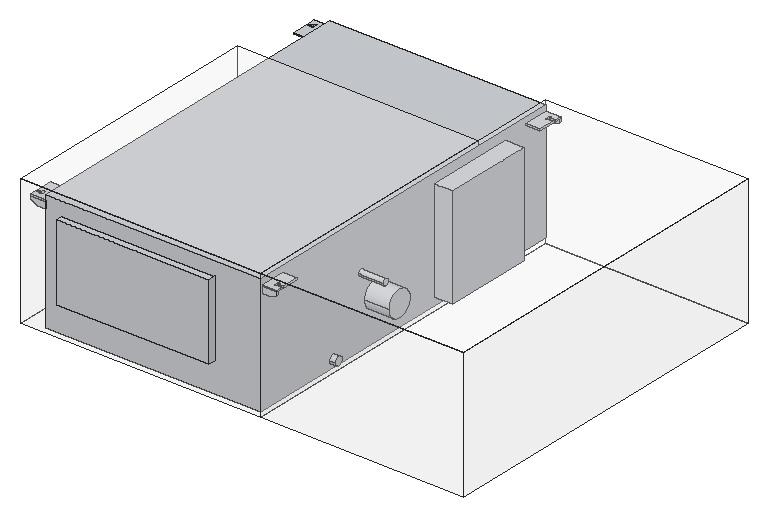
Revit family "ge-p1080_2100mg7_60Hz", category 機械設備, Revit 2019
Family settings
  丸型コネクタ寸法 = 直径を使用
  パーツ タイプ = 標準
  OmniClass 番号 = 23.75.10.24.21.27.27
  OmniClass タイトル = Split System Air Conditioning Units
  作業面ベース = いいえ
  常に垂直 = はい
  ロード時にボイドで切り取り = いいえ
  共有 = いいえ
  部屋計算ポイント = はい
Parameters (values of type "GE-P1080MG7")
  風量 = 1080.0 m³/h
  音響パワーレベル(dB) = 64
  電源種別 = ""
  電圧_電気ヒーター = 0 V
  電圧 = 200 V
  電動機出力_送風機 = 200 W
  運転質量 = 0.00 kg
  連動 = ""
  質量 = if(製品質量 > 運転質量, 製品質量, 運転質量) * 1.2  # 116.40 kg
  負荷分類 = 10_ファンコイル類
  説明 = "ビル用マルチエアコン 室内ユニット 天井埋込外気処理"
  設計暖房能力 [instance] = 0 kW
  設計冷房能力_顕熱 [instance] = 0 kW
  設計冷房能力 [instance] = 0 kW
  設置方法 = "天井吊形"
  記号 [instance] = ""
  製造元 = "三菱電機株式会社"
  製品質量 = 97.00 kg
  製品出荷対象 = "国内"
  製品リリース年月 = "2020年7月22日"
  製品グループ = ""
  給気量 = 0.0 m³/h
  系統 [instance] = ""
  符号 = "ACP-CIO"
  積算_科目 = "1 空気調和設備"
  積算_拾い区分 [instance] = ""
  相_電気ヒーター = 1
  相 = 1
  盤記号 [instance] = ""
  発停方法 = ""
  特殊仕様 [instance] = ""
  火災停止 = ""
  消費電力_電気ヒーター = 0 W
  消費電力_暖房 = 340 W
  消費電力_加湿器 = 0 W
  消費電力_冷房 = 340 W
  消費電力 = if(消費電力_冷房 > 消費電力_暖房, 消費電力_冷房, 消費電力_暖房) + 消費電力_加湿器 + 消費電力_電気ヒーター  # 340 W
  法定耐用年数 = "15"
  機外静圧 = 220.0 Pa
  極数 = 1
  材質 [instance] = ""
  本体マテリアル = none
  有効加湿量 = 8.3
  暖房能力 = 13.7 kW
  排気量 = 0.0 m³/h
  形式_加湿器 = ""
  形式 = "外気処理エアコン(天井吊形)"
  幹線記号 [instance] = ""
  始動方式 = "直入"
  外気量 = 0.0 m³/h
  呼称 = "室内機_外気処理エアコン(天井吊形)"
  周波数 = 60 Hz
  台数_手元リモコン [instance] = ""
  台数_冷媒分岐ユニット [instance] = ""
  参照している仕様書等のバージョン = "公共建築工事標準仕様書（機械設備工事編）平成31年度版"
  加湿給水管径 = 21.70 mm
  分類コード = "50053003221160"
  分類グループ = ""
  冷房能力 = 14 kW
  冷媒高低圧ガス管径 = 0.00 mm
  冷媒管径符号 = "Bd"
  冷媒管径 = 100.00 mm
  冷媒液管径 = 9.52 mm
  冷媒ガス管径 = 15.88 mm
  企業コード = "108420"
  付属品_フィルター = ""
  付属品 [instance] = ""
  仕様書バージョン = "Version1.0"
  モデル = "GE-P1080MG7"
  ドレン管径 = 32.00 mm
  ダクト2高 = 400 mm
  ダクト2幅 = 700 mm
  ダクト1高 = 300 mm
  ダクト1幅 = 600 mm
  コメント [instance] = ""
  Keynote = ""
  エンタルピ交換効率_暖房 [instance] = 0.00%
  エンタルピ交換効率_冷房 [instance] = 0.00%
  j = 25 mm  # constant formula
  h = 25 mm  # constant formula
  Width = 850 mm
  Version = ""
  Uniclass2015Version = "Systems v1.9"
  Uniclass2015Title = "Split coil remote air cooled condensing units"
  Uniclass2015Code = "Pr_70_65_03_84"
  URL = "https://www.mitsubishielectric.co.jp/ldg/wink/ssl/displayProduct.do?pid=307549"
  SpecificationReference = ""
  SpecificationDescription = ""
  Revision = ""
  ProductInformation = ""
  OmniClassCode = "23-33 17 13 11"
  L = 950 mm
  IfcTypeProduct = ""
  IfcProduct = ""
  IfcExportType = "AIRCONDITIONINGUNIT"
  IfcExportAs = "IfcUnitaryEquipmentType"
  Height = 470 mm
  Depth = 1400 mm
  Author = "三菱電機株式会社"
Types (3, lengths in mm): name | 風量 | 音響パワーレベル(dB) | 電動機出力_送風機 | 質量 | 製品質量 | 消費電力_暖房 | 消費電力_冷房 | 消費電力 | 機外静圧 | 有効加湿量 | 暖房能力 | 冷房能力 | 冷媒管径符号 | 冷媒ガス管径 | モデル | ダクト2幅 | ダクト1幅 | Width | URL | L
  GE-P1080MG7 | 1080.0 m³/h | 64 | 200 W | 116.40 kg | 97.00 kg | 340 W | 340 W | 340 W | 220.0 Pa | 8.3 | 13.7 kW | 14 kW | "Bd" | 15.88 | "GE-P1080MG7" | 700 | 600 | 850 | "https://www.mitsubishielectric.co.jp/ldg/wink/ssl/displayProduct.do?pid=307549" | 950
  GE-P1680MG7 | 1680.0 m³/h | 68 | 400 W | 136.80 kg | 114.00 kg | 570 W | 570 W | 570 W | 230.0 Pa | 13 | 21.2 kW | 22.4 kW | "Be" | 19.05 | "GE-P1680MG7" | 1100 | 1000 | 1250 | "https://www.mitsubishielectric.co.jp/ldg/wink/ssl/displayProduct.do?pid=307550" | 1350
  GE-P2100MG7 | 2100.0 m³/h | 72 | 400 W | 145.20 kg | 121.00 kg | 670 W | 670 W | 670 W | 200.0 Pa | 16.2 | 26.5 kW | 28 kW | "Bf" | 22.20 | "GE-P2100MG7" | 1100 | 1000 | 1250 | "https://www.mitsubishielectric.co.jp/ldg/wink/ssl/displayProduct.do?pid=307551" | 1350
Reference planes
  plane 1 "中心(正面/背面)": y = 0
  plane 2: z = 0
  plane 3 "中心(左/右)": x = 0
  plane 4 "左": x = -425
  plane 5 "右": x = 425
  plane 6 "正面": y = -700
  plane 7 "背面": y = 700
  plane 8: z = 470
  plane 9: z = 210
  plane 10: z = 153
  plane 11: z = 235
  plane 12: x = 625
  plane 13: x = -525
  plane 14: y = 370
  plane 15: y = -900
  plane 16: z = 490
  plane 17: z = -20
  plane 18: y = 725
  plane 19: y = -725
  plane 20: x = 1225
Lines and regions (mm)
  Masking region 1, detail levels coarse+medium
    outline origin (0, 0, 0) x (1, 0, 0) y (0, 1, 0)
      loop
        line (-425, 700) -> (-425, -700) -> (425, -700) -> (425, 700) -> (-425, 700)
  Masking region 2, detail levels coarse+medium
    outline origin (0, 0, 0) x (1, 0, 0) y (0, 1, 0)
      loop
        line (-425, 700) -> (-425, -700) -> (425, -700) -> (425, 700) -> (-425, 700)
  reference lines
    curve 1: line (0, 700, 0) -> (-425, 0, 0)
    curve 2: line (-425, 0, 0) -> (0, -700, 0)
    curve 3: line (425, 0, 0) -> (0, 700, 0)
    curve 4: line (0, -700, 0) -> (425, 0, 0)
  symbolic lines, detail levels coarse+medium
    curve 5: line (0, 700, 0) -> (-425, 0, 0)
    curve 6: line (-425, 0, 0) -> (0, -700, 0)
    curve 7: line (0, -700, 0) -> (425, 0, 0)
    curve 8: line (425, 0, 0) -> (0, 700, 0)
Dimensions and locks
  "Height": plane 8 to level
  equal spacing: plane 4 "左", plane 3 "中心(左/右)", plane 5 "右"
  "Width": plane 4 "左" to plane 5 "右"
  equal spacing: plane 6 "正面", plane 1 "中心(正面/背面)", plane 7 "背面"
  "Depth": plane 6 "正面" to plane 7 "背面"
  locked: plane 9 to level at 210
  locked: plane 10 to level at 153
  locked: plane 11 to level at 235
  locked: plane 16 to plane 8 at 20
  locked: plane 2 to plane 17 at 20
  locked: plane 6 "正面" to plane 14 at 1070
  "L": plane 13 to plane 5 "右"
  "h": plane 19 to plane 6 "正面"
  "j": plane 7 "背面" to plane 18
  locked: plane 12 to plane 20 at 600
  locked: plane 5 "右" to plane 20 at 800
  aligned and locked: level to plane 2
  aligned and locked: plane 6 "正面" to nested 2
  aligned and locked: plane 14 to nested 2
  aligned and locked: plane 16 to nested 3
  aligned and locked: plane 17 to nested 3
  aligned and locked: plane 16 to nested 2
  aligned and locked: plane 17 to nested 2
  aligned and locked: nested 1 to plane 1 "中心(正面/背面)"
  aligned and locked: plane 3 "中心(左/右)" to nested 1
  aligned and locked: plane 5 "右" to nested 2
  aligned and locked: plane 13 to nested 2
  aligned and locked: plane 7 "背面" to nested 3
  aligned and locked: plane 5 "右" to nested 3
  aligned and locked: plane 6 "正面" to nested 3
  aligned and locked: plane 20 to nested 3
Automatic sketch dimensions
  Masking region 1 sketch curve to plane 4 "左" = 0 mm
  Masking region 1 sketch curve to plane 5 "右" = 0 mm
  plane 6 "正面" to Masking region 1 sketch curve = 0 mm
  plane 7 "背面" to Masking region 1 sketch curve = 0 mm
  Masking region 2 sketch curve to plane 4 "左" = 0 mm
  Masking region 2 sketch curve to plane 5 "右" = 0 mm
  plane 6 "正面" to Masking region 2 sketch curve = 0 mm
  plane 7 "背面" to Masking region 2 sketch curve = 0 mm
  plane 1 "中心(正面/背面)" to curve 1 = 0 mm
  curve 1 to plane 4 "左" = 0 mm
  curve 2 to plane 3 "中心(左/右)" = 0 mm
  curve 3 to plane 3 "中心(左/右)" = 0 mm
  plane 1 "中心(正面/背面)" to curve 3 = 0 mm
  curve 3 to plane 5 "右" = 0 mm
  plane 6 "正面" to curve 2 = 0 mm
  plane 7 "背面" to curve 3 = 0 mm
  plane 1 "中心(正面/背面)" to curve 5 = 0 mm
  curve 5 to plane 4 "左" = 0 mm
  curve 6 to plane 3 "中心(左/右)" = 0 mm
  curve 8 to plane 3 "中心(左/右)" = 0 mm
  plane 1 "中心(正面/背面)" to curve 7 = 0 mm
  curve 7 to plane 5 "右" = 0 mm
  plane 6 "正面" to curve 6 = 0 mm
  plane 7 "背面" to curve 5 = 0 mm
Nested families
  nested 1: "GE-P-MG7" at (0, 0, 0) x (0, 1, 0) z (0, 0, 1), H <- "Height", 加湿器径 <- "加湿給水管径", D <- "Width", W <- "Depth", type "GE-P-MG7"
    with 配管径 100 mm, 液径 9.52 mm, 液W 96 mm, 液H 40 mm, 液D 100 mm, 吊りボルトW 1338 mm, 吊りボルトH 20 mm, 吊りボルトD 925 mm, 加湿器径 21.7 mm, 加湿器W 488 mm, 加湿器H 280 mm, 加湿器D 100 mm, ドレン径 32 mm, ドレンW 350 mm, ドレンH 35 mm, ドレンD 25 mm, ガス径 15.88 mm, ガスW 604 mm, ガスH 155 mm, ガスD 100 mm, W 1400 mm, J ダクトW 700 mm, J ダクトH 400 mm, H 470 mm, G ダクトW 600 mm, G ダクトH 300 mm, D 850 mm, C 985 mm
  nested 2: "サービススペース(GE-P-MG7)" at (-50, -165, 235), type "サービススペース(GE-P-MG7)"
    with Width 950 mm, Height 510 mm, Depth 1070 mm
  nested 3: "サービススペース(GE-P-MG7)" at (825, 0, 235), type "サービススペース(GE-P-MG7)"
    with Width 800 mm, Height 510 mm, Depth 1400 mm
Connectors
  hvac at (0, 725, 235), driven by "ダクト2高", driven by "ダクト2幅", driven by "機外静圧", driven by "外気量"
    settings: on nested 1, index 8, duct flow 0.0 m³/h, flow factor 0, pres drop 220.0 Pa, loss coef 0, conn angle 0.00°, conn width 700 mm, conn height 400 mm, conn diameter 609.6 mm, duct sys type 1, conn prof type 1, flow config 1, flow direction 1, loss method 4, conn ref index -1, conn util no, is conn primary yes, conn desc "OA"
  hvac at (-60, -725, 265), driven by "ダクト1高", driven by "ダクト1幅", driven by "機外静圧", driven by "給気量"
    settings: on nested 1, index 9, duct flow 0.0 m³/h, flow factor 0, pres drop 220.0 Pa, loss coef 0, conn angle 0.00°, conn width 600 mm, conn height 300 mm, conn diameter 609.6 mm, duct sys type 3, conn prof type 1, flow config 1, flow direction 2, loss method 4, conn ref index -1, conn util no, is conn primary no, conn desc "SA"
  electrical at (499.5, 324, 235), driven by "極数", driven by "負荷分類", driven by "電圧", driven by "消費電力"
    settings: on nested 1, index 10, voltage 200 V, apparent load 340 VA, apparent load phase1 0 VA, apparent load phase2 0 VA, apparent load phase3 0 VA, power factor 1, load classification "10_ファンコイル類", number of poles 1, system type 30, power factor state 1, is connector primary yes, connector utility no, sub classification motor no, connector description ""
  piping at (525, -144, 175), diameter 100, driven by "冷媒管径", driven by "冷媒管径符号"
    settings: on nested 1, index 11, connector inside diameter 609.60 mm, connector length 0 mm, flow factor 0, pipe flow 0.0 L/s, pressure drop 0.0 Pa, fitting loss kfactor 0, connector angle 0.00°, fixture units 0, engagement length 0 mm, angle of deflection 0.00°, flow configuration 1, flow direction 1, fitting loss method 4, system type 7, joint type 0, gender type 0, connector reference index -1, connector utility 0, adjustable connector no, is connector primary yes, connector description "Bd"
  piping at (450, -350, 35), diameter 32, driven by "ドレン管径"
    settings: on nested 1, index 12, connector inside diameter 609.60 mm, connector length 0 mm, flow factor 0, pipe flow 0.0 L/s, pressure drop 0.0 Pa, fitting loss kfactor 0, connector angle 0.00°, fixture units 0, engagement length 0 mm, angle of deflection 0.00°, flow configuration 1, flow direction 2, fitting loss method 4, system type 16, joint type 0, gender type 0, connector reference index -1, connector utility 0, adjustable connector no, is connector primary no, connector description ""
  piping at (525, -212, 280), diameter 21.7, driven by "加湿給水管径"
    settings: on nested 1, index 13, connector inside diameter 609.60 mm, connector length 0 mm, flow factor 0, pipe flow 0.0 L/s, pressure drop 0.0 Pa, fitting loss kfactor 0, connector angle 0.00°, fixture units 0, engagement length 0 mm, angle of deflection 0.00°, flow configuration 1, flow direction 1, fitting loss method 4, system type 20, joint type 0, gender type 0, connector reference index -1, connector utility 0, adjustable connector no, is connector primary no, connector description ""
Definition of nested family "GE-P-MG7"
  Parameters (values of type "GE-P-MG7")
    加湿器径 [instance] = 6.4 mm
    加湿器W [instance] = 488 mm  # constant formula
    加湿器H [instance] = 280 mm  # constant formula
    加湿器D [instance] = 100 mm  # constant formula
    液径 [instance] = 9.52 mm
    吊りボルトW [instance] = 1338 mm  # constant formula
    吊りボルトH [instance] = 20 mm  # constant formula
    吊りボルトD [instance] = if(D = 850 mm, 925 mm, 1325 mm)  # 925 mm
    配管径 [instance] = 100 mm  # constant formula
    液W [instance] = 96 mm  # constant formula
    液H [instance] = 40 mm  # constant formula
    液D [instance] = 100 mm  # constant formula
    ドレン径 [instance] = 32 mm
    ドレンW [instance] = 350 mm  # constant formula
    ドレンH [instance] = 35 mm  # constant formula
    ドレンD [instance] = 25 mm  # constant formula
    J ダクトW [instance] = if(D = 850 mm, 700 mm, 1100 mm)  # 700 mm
    J ダクトH [instance] = 400 mm  # constant formula
    ガス径 [instance] = 15.88 mm
    ガスW [instance] = 604 mm  # constant formula
    ガスH [instance] = 155 mm  # constant formula
    ガスD [instance] = 100 mm  # constant formula
    W [instance] = 1400 mm
    H [instance] = 470 mm
    G ダクトW [instance] = if(D = 850 mm, 600 mm, 1000 mm)  # 600 mm
    G ダクトH [instance] = 300 mm  # constant formula
    D [instance] = 850 mm
    C [instance] = if(D = 850 mm, 985 mm, 1385 mm)  # 985 mm
  Reference planes
    plane 1 "中心(正面/背面)": y = 0
    plane 2: z = 0
    plane 3 "中心(左/右)": x = 0
    plane 4: x = -700
    plane 5: x = 700
    plane 6: y = 425
    plane 7: y = -425
    plane 8: z = 470
    plane 9: y = 462.5
    plane 10: y = -462.5
    plane 11: x = -669
    plane 12: x = 669
    plane 13: y = 485.5
    plane 14: y = -485.5
    plane 15: x = -699
    plane 16: x = 699
    plane 17: x = 599
    plane 18: x = -599
    plane 19: z = 450
    plane 20: z = 420
    plane 21: z = 445
    plane 22: x = -694
    plane 23: x = 694
    plane 24: x = -350
    plane 25: x = -96
    plane 26: x = -192
    plane 27: y = -499.5
    plane 28: x = 499
    plane 29: x = 149
    plane 30: y = -450
    plane 31: z = 35
    plane 32: y = -525
    plane 33: z = 155
    plane 34: z = 195
    plane 35: x = -144
    plane 36: z = 175
    plane 37: x = -212
    plane 38: z = 280
    plane 39: x = 725
    plane 40: x = -725
    plane 41: y = -240
    plane 42: y = 360
    plane 43: z = 115
    plane 44: z = 415
    plane 45: y = 350
    plane 46: y = -350
    plane 47: z = 435
  Forms (mm)
    Extrusion 1, solid, detail levels fine
      sketch origin (0, 0, 0) x (1, 0, 0) y (0, 1, 0)
        loop
          line (-700, 425) -> (-700, -425) -> (700, -425) -> (700, 425) -> (-700, 425)
      from 0 to 470
    Extrusion 2, solid, detail levels fine
      sketch origin (0, 0, 0) x (1, 0, 0) y (0, 1, 0)
        loop
          line (-699, 485.5) -> (-699, 425) -> (-599, 425) -> (-599, 485.5) -> (-664, 485.5) -> (-664, 467.5)
          arc (-664, 467.5) -> (-659, 462.5) -> (-664, 457.5) r 5
          line (-664, 457.5) -> (-674, 457.5)
          arc (-674, 457.5) -> (-679, 462.5) -> (-674, 467.5) r 5
          line (-674, 467.5) -> (-674, 485.5) -> (-699, 485.5)
        loop
          line (599, 485.5) -> (599, 425) -> (699, 425) -> (699, 485.5) -> (674, 485.5) -> (674, 467.5)
          arc (674, 467.5) -> (679, 462.5) -> (674, 457.5) r 5
          line (674, 457.5) -> (664, 457.5)
          arc (664, 457.5) -> (659, 462.5) -> (664, 467.5) r 5
          line (664, 467.5) -> (664, 485.5) -> (599, 485.5)
        loop
          line (599, -485.5) -> (664, -485.5) -> (664, -467.5)
          arc (664, -467.5) -> (659, -462.5) -> (664, -457.5) r 5
          line (664, -457.5) -> (674, -457.5)
          arc (674, -457.5) -> (679, -462.5) -> (674, -467.5) r 5
          line (674, -467.5) -> (674, -485.5) -> (699, -485.5) -> (699, -425) -> (599, -425) -> (599, -485.5)
        loop
          line (-699, -485.5) -> (-674, -485.5) -> (-674, -467.5)
          arc (-674, -467.5) -> (-679, -462.5) -> (-674, -457.5) r 5
          line (-674, -457.5) -> (-664, -457.5)
          arc (-664, -457.5) -> (-659, -462.5) -> (-664, -467.5) r 5
          line (-664, -467.5) -> (-664, -485.5) -> (-599, -485.5) -> (-599, -425) -> (-699, -425) -> (-699, -485.5)
      from 445 to 450
    Extrusion 3, solid, detail levels fine
      sketch origin (0, 0, 0) x (0, 1, 0) y (0, 0, 1)
        loop
          line (425, 445) -> (425, 420) -> (455.25, 420) -> (485.5, 432.5) -> (485.5, 445) -> (425, 445)
        loop
          line (-485.5, 445) -> (-485.5, 432.5) -> (-455.25, 420) -> (-425, 420) -> (-425, 445) -> (-485.5, 445)
      from 694 to 699
    Extrusion 4, solid, detail levels fine
      sketch origin (0, 0, 0) x (0, 1, 0) y (0, 0, 1)
        loop
          line (-485.5, 432.5) -> (-455.25, 420) -> (-425, 420) -> (-425, 445) -> (-485.5, 445) -> (-485.5, 432.5)
        loop
          line (455.25, 420) -> (485.5, 432.5) -> (485.5, 445) -> (425, 445) -> (425, 420) -> (455.25, 420)
      from -699 to -694
    Extrusion 5, solid, detail levels fine
      sketch origin (0, 0, 0) x (1, 0, 0) y (0, 0, 1)
        loop
          circle (-350, 35) r 16
      from 425 to 450
    Extrusion 6, solid, detail levels fine
      sketch origin (0, 0, 0) x (1, 0, 0) y (0, 0, 1)
        loop
          circle (-144, 175) r 50
      from 425 to 525
    Extrusion 7, solid, detail levels fine
      sketch origin (0, 0, 0) x (1, 0, 0) y (0, 0, 1)
        loop
          circle (-212, 280) r 3.2
      from 425 to 525
    Extrusion 8, solid, detail levels fine
      sketch origin (0, 0, 0) x (0, 1, 0) y (0, 0, 1)
        loop
          line (360, 415) -> (-240, 415) -> (-240, 115) -> (360, 115) -> (360, 415)
      from -725 to -700
    Extrusion 9, solid, detail levels fine
      sketch origin (0, 0, 0) x (0, 1, 0) y (0, 0, 1)
        loop
          line (-350, 435) -> (-350, 35) -> (350, 35) -> (350, 435) -> (-350, 435)
      from 700 to 725
    Extrusion 10, solid, detail levels fine
      sketch origin (0, 0, 0) x (1, 0, 0) y (0, 0, 1)
        loop
          line (499, 435) -> (149, 435) -> (149, 35) -> (499, 35) -> (499, 435)
      from 425 to 499.5
  Dimensions and locks
    equal spacing: plane 7, plane 1 "中心(正面/背面)", plane 6
    "D": plane 7 to plane 6
    equal spacing: plane 4, plane 3 "中心(左/右)", plane 5
    "W": plane 4 to plane 5
    "H": plane 8 to level
    equal spacing: plane 10, plane 1 "中心(正面/背面)", plane 9
    "吊りボルトD": plane 10 to plane 9
    equal spacing: plane 11, plane 3 "中心(左/右)", plane 12
    "吊りボルトW": plane 11 to plane 12
    locked: plane 9 to plane 13 at 23
    locked: plane 14 to plane 10 at 23
    locked: plane 12 to plane 16 at 30
    locked: plane 15 to plane 11 at 30
    locked: plane 11 to plane 18 at 70
    locked: plane 17 to plane 12 at 70
    plane 8 to plane 19 to plane 20 = 20 mm locked, 30 mm locked
    locked: plane 23 to plane 16 at 5
    locked: plane 15 to plane 22 at 5
    locked: plane 19 to plane 21 at 5
    "ドレンW": plane 24 to plane 4
    "ガスW": plane 25 to plane 4
    "液W": plane 25 to plane 26
    "C": plane 27 to plane 13
    locked: plane 28 to plane 29 at 350
    plane 5 to plane 28 = 201 mm
    "ドレンD": plane 30 to plane 7
    "ドレンH": plane 31 to level
    "ガスD": plane 32 to plane 7
    "ガスH": plane 33 to level
    "液H": plane 34 to plane 33
    equal spacing: plane 25, plane 35, plane 26
    equal spacing: plane 34, plane 36, plane 33
    "加湿器W": plane 37 to plane 4
    "加湿器H": plane 38 to level
    locked: plane 40 to plane 4 at 25
    locked: plane 5 to plane 39 at 25
    locked: plane 7 to plane 41 at 185
    "G ダクトW": plane 41 to plane 42
    locked: plane 43 to level at 115
    "G ダクトH": plane 44 to plane 43
    equal spacing: plane 46, plane 1 "中心(正面/背面)", plane 45
    "J ダクトW": plane 46 to plane 45
    "J ダクトH": plane 47 to plane 31
    "ドレン径": diameter of Extrusion 5 sketch curve
    "配管径": diameter of Extrusion 6 sketch curve
    "加湿器径": diameter of Extrusion 7 sketch curve
    aligned and locked: level to plane 2
    aligned and locked: plane 6 to Extrusion 1 sketch curve
    aligned and locked: plane 4 to Extrusion 1 sketch curve
    aligned and locked: Extrusion 1 sketch curve to plane 7
    aligned and locked: Extrusion 1 sketch curve to plane 5
    aligned and locked: plane 8 to Extrusion 1
    aligned and locked: plane 13 to Extrusion 2 sketch curve  (x4)
    aligned and locked: plane 15 to Extrusion 2 sketch curve
    aligned and locked: Extrusion 2 sketch curve to plane 6  (x2)
    aligned and locked: Extrusion 2 sketch curve to plane 18
    aligned and locked: plane 17 to Extrusion 2 sketch curve
    aligned and locked: Extrusion 2 sketch curve to plane 16
    aligned and locked: plane 14 to Extrusion 2 sketch curve  (x4)
    aligned and locked: Extrusion 2 sketch curve to plane 17
    aligned and locked: Extrusion 2 sketch curve to plane 7  (x2)
    aligned and locked: plane 16 to Extrusion 2 sketch curve
    aligned and locked: Extrusion 2 sketch curve to plane 15
    aligned and locked: plane 18 to Extrusion 2 sketch curve
    aligned and locked: plane 9 to Extrusion 2 sketch curve  (x4)
    aligned and locked: plane 10 to Extrusion 2 sketch curve  (x4)
    aligned and locked: plane 19 to Extrusion 2
    aligned and locked: Extrusion 2 to plane 21
    aligned and locked: Extrusion 2 to Extrusion 3 sketch curve
    aligned and locked: Extrusion 3 sketch curve to Extrusion 2  (x3)
    aligned and locked: plane 20 to Extrusion 3 sketch curve  (x2)
    aligned and locked: plane 13 to Extrusion 3 sketch curve
    aligned and locked: plane 7 to Extrusion 3 sketch curve
    aligned and locked: plane 16 to Extrusion 3
    aligned and locked: Extrusion 3 to plane 23
    aligned and locked: Extrusion 4 sketch curve to Extrusion 3  (x10)
    aligned and locked: plane 22 to Extrusion 4
    aligned and locked: Extrusion 4 to plane 15
    aligned and locked: plane 31 to Extrusion 5 sketch curve
    aligned and locked: plane 24 to Extrusion 5 sketch curve
    aligned and locked: Extrusion 5 to plane 7
    aligned and locked: plane 30 to Extrusion 5
    aligned and locked: plane 35 to Extrusion 6 sketch curve
    aligned and locked: plane 36 to Extrusion 6 sketch curve
    aligned and locked: plane 32 to Extrusion 6
    aligned and locked: Extrusion 6 to plane 7
    aligned and locked: plane 37 to Extrusion 7 sketch curve
    aligned and locked: plane 38 to Extrusion 7 sketch curve
    aligned and locked: plane 32 to Extrusion 7
    aligned and locked: Extrusion 7 to plane 7
    aligned and locked: plane 44 to Extrusion 8 sketch curve
    aligned and locked: Extrusion 8 sketch curve to plane 42
    aligned and locked: Extrusion 8 sketch curve to plane 43
    aligned and locked: plane 41 to Extrusion 8 sketch curve
    aligned and locked: plane 4 to Extrusion 8
    aligned and locked: Extrusion 8 to plane 40
    aligned and locked: Extrusion 9 sketch curve to plane 47
    aligned and locked: Extrusion 9 sketch curve to plane 46
    aligned and locked: plane 31 to Extrusion 9 sketch curve
    aligned and locked: plane 45 to Extrusion 9 sketch curve
    aligned and locked: plane 39 to Extrusion 9
    aligned and locked: Extrusion 9 to plane 5
    aligned and locked: plane 47 to Extrusion 10 sketch curve
    aligned and locked: plane 28 to Extrusion 10 sketch curve
    aligned and locked: Extrusion 10 sketch curve to plane 31
    aligned and locked: Extrusion 10 sketch curve to plane 29
    aligned and locked: plane 27 to Extrusion 10
    aligned and locked: Extrusion 10 to plane 7
    aligned and locked: plane 10 to nested 1
    aligned and locked: plane 11 to nested 1
    aligned and locked: plane 12 to nested 1
    aligned and locked: nested 1 to plane 9
  Automatic sketch dimensions
    Extrusion 2 sketch curve to plane 11 = 5 mm  (x4)
    plane 11 to Extrusion 2 sketch curve = 5 mm  (x3)
    Extrusion 2 sketch curve to plane 12 = 5 mm  (x4)
    plane 12 to Extrusion 2 sketch curve = 5 mm  (x4)
    Extrusion 2 sketch curve to plane 10 = 5 mm
    plane 9 to Extrusion 2 sketch curve = 5 mm  (x2)
    Extrusion 2 sketch curve to Extrusion 2 sketch curve = 0 mm
    plane 10 to Extrusion 2 sketch curve = 5 mm
    plane 9 to Extrusion 3 sketch curve = 7.25 mm
    plane 20 to Extrusion 3 sketch curve = 12.5 mm
    Extrusion 3 sketch curve to plane 10 = 7.25 mm
    Extrusion 3 sketch curve to Extrusion 3 sketch curve = 12.5 mm
  Nested families
    nested 1: "固定点" at (-669, -462.5, 0), type "固定点", detail levels fine
      with W 1338 mm, D 925 mm
  Definition of nested family "固定点"
    Parameters (values of type "固定点")
      中心円 = 20 mm
      W [instance] = 1000 mm
      D [instance] = 1000 mm
    Reference planes
      plane 1 "中心(正面/背面)": y = 0
      plane 2: z = 0
      plane 3 "中心(左/右)": x = 0
      plane 4: x = 1000
      plane 5: y = 1000
    Lines and regions (mm)
      symbolic lines, detail levels fine
        curve 1: circle (0, 1000, 0) r 10 normal (0, 0, 1)
        curve 2: circle (0, 0, 0) r 10 normal (0, 0, 1)
        curve 3: circle (1000, 1000, 0) r 10 normal (0, 0, 1)
        curve 4: circle (1000, 0, 0) r 10 normal (0, 0, 1)
        curve 5: line (-200, 1000, 0) -> (1200, 1000, 0)
        curve 6: line (-200, 0, 0) -> (1200, 0, 0)
        curve 7: line (0, 1200, 0) -> (0, -200, 0)
        curve 8: line (1000, 1200, 0) -> (1000, -200, 0)
    Dimensions and locks
      "W": plane 3 "中心(左/右)" to plane 4
      "D": plane 1 "中心(正面/背面)" to plane 5
      "中心円": diameter of curve 1
      "中心円": diameter of curve 2
      "中心円": diameter of curve 3
      "中心円": diameter of curve 4
      aligned and locked: level to plane 2
      aligned and locked: plane 5 to curve 1
      aligned and locked: plane 3 "中心(左/右)" to curve 1
      aligned and locked: plane 3 "中心(左/右)" to curve 2
      aligned and locked: plane 1 "中心(正面/背面)" to curve 2
      aligned and locked: plane 4 to curve 3
      aligned and locked: plane 5 to curve 3
      aligned and locked: plane 1 "中心(正面/背面)" to curve 4
      aligned and locked: plane 4 to curve 4
      aligned and locked: plane 1 "中心(正面/背面)" to curve 6
      aligned and locked: curve 7 to plane 3 "中心(左/右)"
      aligned and locked: curve 8 to plane 4
    Automatic sketch dimensions
      curve 5 to plane 5 = 0 mm
      curve 6 to plane 3 "中心(左/右)" = 200 mm
      curve 5 to plane 3 "中心(左/右)" = 200 mm
      curve 4 to curve 6 = 200 mm
      curve 3 to curve 5 = 200 mm
      plane 1 "中心(正面/背面)" to curve 8 = 200 mm
      plane 1 "中心(正面/背面)" to curve 7 = 200 mm
      curve 3 to curve 8 = 200 mm
      curve 1 to curve 7 = 200 mm
Definition of nested family "サービススペース(GE-P-MG7)"
  Parameters (values of type "サービススペース")
    Width [instance] = 500 mm
    Height [instance] = 500 mm
    Depth [instance] = 500 mm
  Reference planes
    plane 1 "中心(正面/背面)": y = 0
    plane 2: z = 0
    plane 3 "中心(左/右)": x = 0
    plane 4: y = -250
    plane 5: x = 250
    plane 6: y = 250
    plane 7: x = -250
    plane 8: z = 250
    plane 9: z = -250
  Forms (mm)
    Extrusion 1, solid
      sketch origin (-638.939, 0, 72.39) x (1, 0, 0) y (0, 1, 0)
        loop
          line (388.939, 250) -> (388.939, -250) -> (888.939, -250) -> (888.939, 250) -> (388.939, 250)
      from -322.39 to 177.61
  Lines and regions (mm)
    symbolic lines
      curve 1: line (-250, 0, 250) -> (250, 0, 250)
      curve 2: line (-250, 0, -250) -> (-250, 0, 250)
      curve 3: line (250, 0, -250) -> (-250, 0, -250)
      curve 4: line (250, 0, 250) -> (250, 0, -250)
      curve 5: line (0, -250, 250) -> (0, 250, 250)
      curve 6: line (0, -250, -250) -> (0, -250, 250)
      curve 7: line (0, 250, -250) -> (0, -250, -250)
      curve 8: line (0, 250, 250) -> (0, 250, -250)
      curve 9: line (-250, 250, 0) -> (250, 250, 0)
      curve 10: line (-250, -250, 0) -> (-250, 250, 0)
      curve 11: line (250, -250, 0) -> (-250, -250, 0)
      curve 12: line (250, 250, 0) -> (250, -250, 0)
  Dimensions and locks
    equal spacing: plane 7, plane 3 "中心(左/右)", plane 5
    equal spacing: plane 4, plane 1 "中心(正面/背面)", plane 6
    "Depth": plane 4 to plane 6
    "Width": plane 7 to plane 5
    equal spacing: plane 8, plane 2, plane 9
    "Height": plane 8 to plane 9
    aligned and locked: plane 9 to curve 3
    aligned and locked: plane 7 to curve 2
    aligned and locked: curve 4 to plane 5
    aligned and locked: plane 5 to Extrusion 1
    aligned and locked: Extrusion 1 to plane 7
    aligned and locked: Extrusion 1 to plane 9
    aligned and locked: plane 8 to Extrusion 1
    aligned and locked: plane 9 to curve 7
  Automatic sketch dimensions
    plane 4 to Extrusion 1 sketch curve = 0 mm
    Extrusion 1 sketch curve to plane 7 = 0 mm
    Extrusion 1 sketch curve to plane 5 = 0 mm
    plane 6 to Extrusion 1 sketch curve = 0 mm
    curve 2 to plane 8 = 0 mm
    plane 4 to curve 11 = 0 mm
    curve 11 to plane 7 = 0 mm
    curve 11 to plane 5 = 0 mm
    plane 6 to curve 10 = 0 mm
    curve 7 to plane 4 = 0 mm
    curve 7 to plane 6 = 0 mm
    curve 6 to plane 8 = 0 mm
